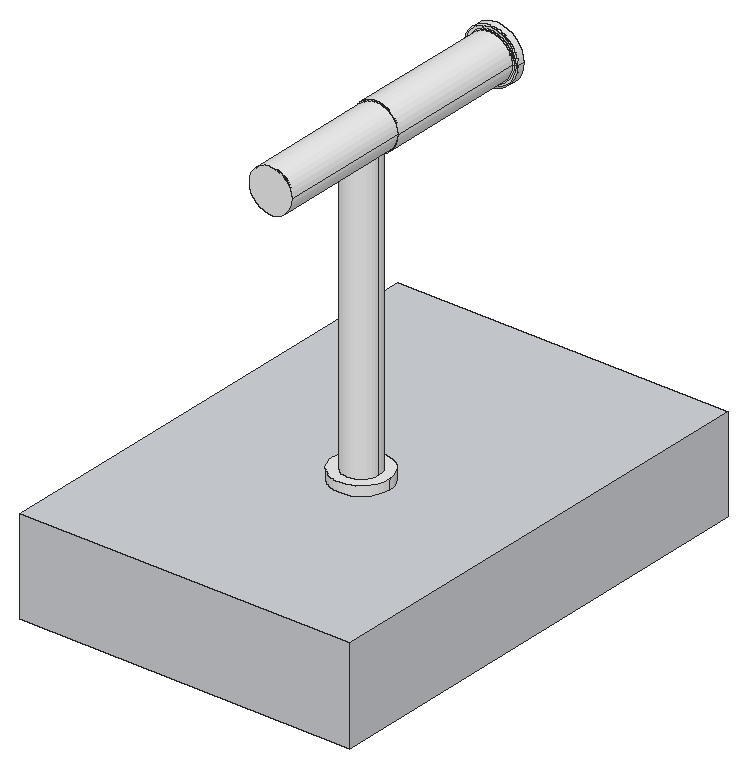
Revit family "Deca_Sif+úo para Lavat+¦rio_1684.C.100.112", category Conexões hidráulicas, Revit 2013
Parameters (values of type "1684.C.100.112_Cromado CR10")
  WFU = 0
  Vendido Separadamente = "Não Aplicável"  # constant formula
  Variações de COR = "Cromado (1684.C.100.112); Dourado (1684.D.100.112)"  # constant formula
  URL = "www.deca.com.br/produtos"
  Sifão = Deca CR10 Cromado Metal
  Segmento = "Luxo"  # constant formula
  Raio Saída Esgoto = 20 mm  # constant formula
  Raio Ponto de Esgoto = 12.5 mm  # constant formula
  Produto = "Sifão para lavatório Slim 1 x 1 1/2"  # constant formula
  Pressão = "2 A 40 mca"  # constant formula
  Peso Liquido (Kg) = 1.236  # constant formula
  Norma = "ABNT NBR 14162:2011"  # constant formula
  Modelo = Código  # "1684.C.100.112"
  Material = "Latão Cromado e Plástico de Engenharia"  # constant formula
  Fabricante = "Deca"  # constant formula
  Louça/Metais = "Metal"  # constant formula
  Linha = "Sifão"  # constant formula
  Informações Complementares = "Não Aplicável"  # constant formula
  Flow Pressure = 0.00 psi
  Diâmetro Saída Esgoto = Raio Saída Esgoto * 2  # 40 mm
  Diâmetro Ponto de Esgoto = Raio Ponto de Esgoto * 2  # 25 mm
  Descrição = "Sifão para lavatório Slim 1 x 1 1/2"  # constant formula
  Default Elevation = 0 mm
  Código = "1684.C.100.112"
  Criado por = "Contino/quattroD"  # constant formula
  Consumo = "Varia com a pressão"  # constant formula
  CWFU = 0
  Atendimento ao Cliente = "0800-0117073"  # constant formula
  Código de montagem = "D2020"
  Aprovado por = "Contino/quattroD"  # constant formula
  Acompanha o Produto = ""
Types (3, lengths in mm): name | Sifão | Modelo | Código
  (no name) | Deca CR10 Cromado Metal | "1684.C.100.112" | "1684.C.100.112"
  1684.C.100.112_Cromado CR10 | Deca CR10 Cromado Metal | "1684.C.100.112" | "1684.C.100.112"
  1684.D.100.112_ Dourado | Deca GLD Gold Metal | "1684.D.100.112" | "1684.D.100.112"
Reference planes
  plane 1 "Center (Front/Back)": y = -110
  plane 2: z = 0
  plane 3 "Center (Left/Right)": x = 0
  plane 4 "Left 1": x = -29.937
  plane 5 "Back 1": y = -80.063
  plane 6 "Front  1": y = -139.938
  plane 7 "Right 1": x = 29.938
  plane 8 "Top 1": z = 10
  plane 9 "Back 2": y = 70
  plane 10 "Front 2": y = -230
  plane 11 "Top 2": z = 354.948
Forms (mm)
  Extrusion 1, solid
    sketch origin (0, 0, 0) x (1, 0, 0) y (0, 1, 0)
      loop
        line (-183.507, 167.462) -> (-183.507, -333.726) -> (167.016, -333.726) -> (167.016, 167.462) -> (-183.507, 167.462)
    from 0 to -100
  Extrusion 2, solid, material "Deca CR10 Cromado Metal" <- "Sifão"
    sketch origin (0, 0, 0) x (1, 0, 0) y (0, 1, 0)
      loop
        circle (0, -110) r 19
    from 10 to 314.301
  Extrusion 3, solid, material "Deca CR10 Cromado Metal" <- "Sifão"
    sketch origin (0, -110, 40.625) x (1, 0, 0) y (0, 0, 1)
      loop
        circle (0, 286.126) r 24
    from -170.375 to -19.566
  Extrusion 4, solid, material "Deca CR10 Cromado Metal" <- "Sifão"
    sketch origin (0, -249.566, 40) x (1, 0, 0) y (0, 0, 1)
      loop
        circle (0, 286.751) r 22.986
    from -159.132 to -19.566
  Extrusion 5, solid, material "Deca CR10 Cromado Metal" <- "Sifão"
    sketch origin (0, 0, 0) x (1, 0, 0) y (0, 1, 0)
      loop
        circle (0, -110) r 29.938
    from 0 to 10
  Revolve 6, solid, material "Deca CR10 Cromado Metal" <- "Sifão"
    sketch origin (0, -0.125, 326.875) x (1, 0, 0) y (0, 1, 0)
      loop
        line (0, 70) -> (-28.625, 70) -> (-28.625, 62.5)
        arc (-28.625, 62.5) -> (-28.332, 61.793) -> (-27.625, 61.5) r 1
        line (-27.625, 61.5) -> (-25, 61.5)
        arc (-25, 61.5) -> (-24.293, 61.207) -> (-24, 60.5) r 1
        line (-24, 60.5) -> (0, 60.5) -> (0, 70)
      axis (0, 70) -> (0, 60.5)
    angle from 0 to 360
Cuts and joins
  joined: Extrusion 2, Extrusion 3
Lines and regions (mm)
  Masking region 1
    outline origin (0, 0, 0) x (1, 0, 0) y (0, 1, 0)
      loop
        line (-22.5, -129.843) -> (-22.5, -229)
        arc (-22.5, -229) -> (-22.207, -229.707) -> (-21.5, -230) r 1
        line (-21.5, -230) -> (21.5, -230)
        arc (21.5, -230) -> (22.207, -229.707) -> (22.5, -229) r 1
        line (22.5, -229) -> (22.5, -129.843)
        arc (22.5, -129.843) -> (29.999, -110.184) -> (22.741, -90.434) r 30
        arc (22.741, -90.434) -> (23.474, -90.445) -> (24, -89.934) r 0.958
        line (24, -89.934) -> (24, 60.5)
        arc (24, 60.5) -> (24.293, 61.207) -> (25, 61.5) r 1
        line (25, 61.5) -> (27.625, 61.5)
        arc (27.625, 61.5) -> (28.332, 61.793) -> (28.625, 62.5) r 1
        line (28.625, 62.5) -> (28.625, 69)
        arc (28.625, 69) -> (28.332, 69.707) -> (27.625, 70) r 1
        line (27.625, 70) -> (-27.625, 70)
        arc (-27.625, 70) -> (-28.332, 69.707) -> (-28.625, 69) r 1
        line (-28.625, 69) -> (-28.625, 62.5)
        arc (-28.625, 62.5) -> (-28.332, 61.793) -> (-27.625, 61.5) r 1
        line (-27.625, 61.5) -> (-25, 61.5)
        arc (-25, 61.5) -> (-24.293, 61.207) -> (-24, 60.5) r 1
        line (-24, 60.5) -> (-24, -89.934)
        arc (-24, -89.934) -> (-23.474, -90.445) -> (-22.741, -90.434) r 0.958
        arc (-22.741, -90.434) -> (-29.999, -110.184) -> (-22.5, -129.843) r 30
  Masking region 2
    outline origin (0, -110, 0) x (1, 0, 0) y (0, 0, 1)
      loop
        line (-30, 9) -> (-30, 1)
        arc (-30, 1) -> (-29.707, 0.293) -> (-29, 0) r 1
        line (-29, 0) -> (29, 0)
        arc (29, 0) -> (29.707, 0.293) -> (30, 1) r 1
        line (30, 1) -> (30, 9)
        arc (30, 9) -> (29.707, 9.707) -> (29, 10) r 1
        line (29, 10) -> (19.5, 10)
        arc (19.5, 10) -> (18.793, 10.293) -> (18.5, 11) r 1
        line (18.5, 11) -> (18.5, 304.531)
        arc (18.5, 304.531) -> (12.038, 352.346) -> (-28.625, 326.375) r 28.625
        arc (-28.625, 326.375) -> (-25.971, 314.337) -> (-18.5, 304.531) r 28.625
        line (-18.5, 304.531) -> (-18.5, 11)
        arc (-18.5, 11) -> (-18.793, 10.293) -> (-19.5, 10) r 1
        line (-19.5, 10) -> (-29, 10)
        arc (-29, 10) -> (-29.707, 9.707) -> (-30, 9) r 1
  Masking region 3
    outline origin (0, 0, 0) x (0, 1, 0) y (0, 0, 1)
      loop
        line (60.5, 350.375) -> (-89.934, 350.375)
        arc (-89.934, 350.375) -> (-90.288, 350.229) -> (-90.434, 349.875) r 0.5
        line (-90.434, 349.875) -> (-90.434, 348.875) -> (-229, 348.875)
        arc (-229, 348.875) -> (-229.707, 348.582) -> (-230, 347.875) r 1
        line (-230, 347.875) -> (-230, 304.875)
        arc (-230, 304.875) -> (-229.707, 304.168) -> (-229, 303.875) r 1
        line (-229, 303.875) -> (-129.473, 303.875)
        arc (-129.473, 303.875) -> (-128.792, 303.582) -> (-128.5, 302.9) r 1
        line (-128.5, 302.9) -> (-128.5, 11)
        arc (-128.5, 11) -> (-128.793, 10.293) -> (-129.5, 10) r 1
        line (-129.5, 10) -> (-139, 10)
        arc (-139, 10) -> (-139.707, 9.707) -> (-140, 9) r 1
        line (-140, 9) -> (-140, 1)
        arc (-140, 1) -> (-139.707, 0.293) -> (-139, 0) r 1
        line (-139, 0) -> (-81, 0)
        arc (-81, 0) -> (-80.293, 0.293) -> (-80, 1) r 1
        line (-80, 1) -> (-80, 9)
        arc (-80, 9) -> (-80.293, 9.707) -> (-81, 10) r 1
        line (-81, 10) -> (-90.5, 10)
        arc (-90.5, 10) -> (-91.207, 10.293) -> (-91.5, 11) r 1
        line (-91.5, 11) -> (-91.5, 302.849)
        arc (-91.5, 302.849) -> (-91.193, 303.596) -> (-90.434, 303.873) r 1
        line (-90.434, 303.873) -> (-90.434, 302.875)
        arc (-90.434, 302.875) -> (-90.288, 302.521) -> (-89.934, 302.375) r 0.5
        line (-89.934, 302.375) -> (60.5, 302.375)
        arc (60.5, 302.375) -> (61.207, 302.082) -> (61.5, 301.375) r 1
        line (61.5, 301.375) -> (61.5, 298.75)
        arc (61.5, 298.75) -> (61.793, 298.043) -> (62.5, 297.75) r 1
        line (62.5, 297.75) -> (69, 297.75)
        arc (69, 297.75) -> (69.707, 298.043) -> (70, 298.75) r 1
        line (70, 298.75) -> (70, 354)
        arc (70, 354) -> (69.707, 354.707) -> (69, 355) r 1
        line (69, 355) -> (62.5, 355)
        arc (62.5, 355) -> (61.793, 354.707) -> (61.5, 354) r 1
        line (61.5, 354) -> (61.5, 351.375)
        arc (61.5, 351.375) -> (61.207, 350.668) -> (60.5, 350.375) r 1
  symbolic lines
    curve 1: line (28.625, 69, 0) -> (-28.625, 69, 0)
    curve 2: line (-28.625, 62.5, 0) -> (28.625, 62.5, 0)
    curve 3: line (25, 61.5, 0) -> (-25, 61.5, 0)
    curve 4: line (24, 60.5, 0) -> (-24, 60.5, 0)
    curve 5: line (-22.5, -90.434, 0) -> (22.5, -90.434, 0)
    curve 6: line (-22.5, -90.434, 0) -> (-22.5, -131.181, 0)
    curve 7: line (22.5, -131.181, 0) -> (22.5, -90.434, 0)
    curve 8: arc (22.5, -128.296, 0) -> (27.327, -119.708, 0) -> (29, -110, 0) r 29
    curve 9: arc (29, -110, 0) -> (27.327, -100.292, 0) -> (22.5, -91.704, 0) r 29
    curve 10: arc (-22.5, -91.704, 0) -> (-29, -110, 0) -> (-22.5, -128.296, 0) r 29
    curve 11: line (18.5, -110, 11) -> (-18.5, -110, 11)
    curve 12: line (-30, -110, 9) -> (30, -110, 9)
    curve 13: line (19.5, -110, 10) -> (-19.5, -110, 10)
    curve 14: arc (-18.5, -110, 304.531) -> (0, -110, 297.372) -> (18.5, -110, 304.531) r 27.481
    curve 15: line (0, 61.5, 301.375) -> (0, 61.5, 351.375)
    curve 16: line (0, 60.5, 302.375) -> (0, 60.5, 350.375)
    curve 17: line (0, -90.434, 303.873) -> (0, -90.434, 348.875)
    curve 18: line (0, -129.5, 10) -> (0, -90.5, 10)
    curve 19: arc (0, -90.434, 303.873) -> (0, -99.319, 310.621) -> (0, -110, 313.843) r 31.455
    curve 20: arc (0, -110, 312.947) -> (0, -99.731, 309.764) -> (0, -91.5, 302.849) r 27.178
    curve 21: arc (0, -129.566, 303.873) -> (0, -120.681, 310.621) -> (0, -110, 313.843) r 31.455
    curve 22: arc (0, -110, 312.947) -> (0, -120.269, 309.764) -> (0, -128.5, 302.849) r 27.178
Dimensions and locks
  plane 4 "Left 1" to plane 7 "Right 1" = 59.875 mm  (x2)
  plane 6 "Front  1" to plane 5 "Back 1" = 59.875 mm  (x2)
  plane 2 to plane 8 "Top 1" = 10 mm
  plane 8 "Top 1" to Extrusion 1 = 10 mm
  plane 6 "Front  1" to plane 10 "Front 2" = 90.063 mm
  plane 9 "Back 2" to plane 5 "Back 1" = 150.062 mm
  plane 9 "Back 2" to plane 10 "Front 2" = 300 mm
  plane 11 "Top 2" to plane 8 "Top 1" = 344.948 mm  (x2)
  plane 11 "Top 2" to plane 2 = 354.948 mm  (x2)
  plane 10 "Front 2" to plane 9 "Back 2" = 300 mm
  aligned and locked: Extrusion 1 to plane 2
  aligned and locked: level to Extrusion 1
Connectors
  piping at (0, 69.875, 326.875), driven by "Flow Pressure", driven by "WFU", driven by "Diâmetro Ponto de Esgoto"
    settings: on Revolve 6, index 1, connector radius 0.98425", flow factor 0, pipe flow 0 GPM, pressure drop 0.00 psi, fitting loss kfactor 0, connector angle 0.00°, fixture units 0, engagement length 0 mm, flow configuration 3, flow direction 1, fitting loss method 4, system type 16, joint type 0, gender type 0, connector reference index -1, connector utility 0, adjustable connector no, is connector primary yes, fitting loss table "", connector description ""
  piping at (0, -110, 0), driven by "Flow Pressure", driven by "Diâmetro Saída Esgoto"
    settings: on Extrusion 5, index 2, connector radius 1.5748", flow factor 0, pipe flow 0 GPM, pressure drop 0.00 psi, fitting loss kfactor 0, connector angle 0.00°, fixture units 0, engagement length 0 mm, flow configuration 3, flow direction 2, fitting loss method 4, system type 16, joint type 0, gender type 0, connector reference index -1, connector utility 0, adjustable connector no, is connector primary no, fitting loss table "", connector description ""
